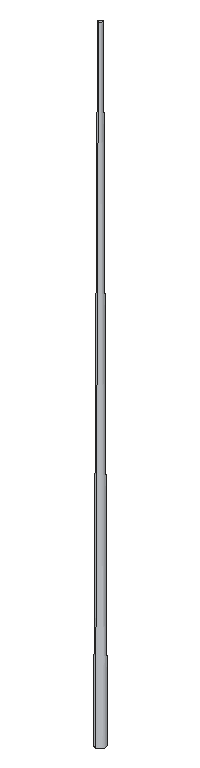
Revit family "Lighting-StreetLighting-GEWISS-STREET[O3]-POLES", category Apparecchi per illuminazione, host Superficie, Revit 2019
Family settings
  Host = Superficie
  Quota connettore circolare = Usa diametro
  Tipo di parte = Normale
  Numero OmniClass = 23.80.00.00
  Titolo OmniClass = Electric Power and Lighting
  Taglio con vuoti quando caricato = No
  Sorgente d'illuminazione = No
  Condiviso = No
  Punto di calcolo locali = No
Parameters (values of type "GW87593 - Galvanised steel - Grey - 9,8m")
  Weight (kg): = "107"
  Weight (kg) = "107"
  Version file RFA = "20.11"
  URL = "https://www.gewiss.com/ww/en"
  Type: = "Conical"
  Total length (m) = "9,8"
  Top diameter (mm) = "60"
  Technical sheet = "https://www.gewiss.com/ww/en/search?q=GW87593"
  SIMBOLO [instance] = yes
  SEO = "Pole"
  Realized by GEWISS S.p.A. = ""
  Default Elevation = 1219.2 mm
  Produttore = "GEWISS S.p.A."
  Planting (m) = "0,8"
  Palo = none
  Modello = "GW87593"
  Material = "Galvanised steel"
  Immagine tipo = GW84096.jpg
  IFC.TypeObject = ""
  IFC.ExportType = ""
  IFC.ExportAs = ""
  IDT = "d3b2aa7b-33ea-43be-8ddf-58a48c27c07e"
  IDF = "d4c518be-a0db-4a63-a47f-d3abfb27bd65"
  Finishing = "Painted"
  Electrocod = "240"
  EAN code = "8011564782594"
  Diametro inferiore = 158 mm
  Diametro = 60 mm
  Descrizione = "STREET CONICAL POLE 9,8m GRAPHITE GREY"
  Colour = "Graphite grey"
  Catalogue Range = "STREET [O3]"
  Catalogue = "LIGHTING"
  COBie.Tagnumber = ""
  COBie.CreatedOn = ""
  COBie.CreatebBy = ""
  COBie.ComponentRegisterItemID = ""
  COBie.Component.TagNumber = ""
  COBie.Component.Space = ""
  COBie.Component.SerialNumber = ""
  COBie.Component.InstallationDate = ""
  COBie.Component.Description = ""
  COBie.Component.BarCode = ""
  Base diameter (mm) = "158"
  BIDIMENSIONALE [instance] = not(SIMBOLO)  # no
  Altezza palo = 9800 mm
Types (5, lengths in mm): name | Weight (kg): | Weight (kg) | Total length (m) | Technical sheet | Planting (m) | Modello | IDT | EAN code | Diametro inferiore | Descrizione | Base diameter (mm) | Altezza palo
  GW84096 - Galvanised steel - Grey - 5,5m | "45" | "45" | "5,5" | "https://www.gewiss.com/ww/en/search?q=GW84096" | "0,5" | "GW84096" | "cab9dc3a-70cd-4fe3-be57-dd63a486f42e" | "8011564420205" | 115 | "STREET CONICAL POLE 5,5m GRAPHITE GREY" | "115" | 5500
  GW87591 - Galvanised steel - Grey - 6,8m | "48" | "48" | "6,8" | "https://www.gewiss.com/ww/en/search?q=GW87591" | "0,8" | "GW87591" | "b1c709b1-2363-4663-a2bd-6850ecaed8ba" | "8011564782570" | 138 | "STREET CONICAL POLE 6,8m GRAPHITE GREY" | "128" | 6800
  GW84097 - Galvanised steel - Grey - 7,8m | "54" | "54" | "7,8" | "https://www.gewiss.com/ww/en/search?q=GW84097" | "0,8" | "GW84097" | "8bb81f59-0f67-4d31-8b00-d30c28cf5b15" | "8011564420212" | 128 | "STREET CONICAL POLE 7,8m GRAPHITE GREY" | "138" | 7800
  GW87592 - Galvanised steel - Grey - 8,8m | "91" | "91" | "8,8" | "https://www.gewiss.com/ww/en/search?q=GW87592" | "0,8" | "GW87592" | "fb51b8d7-080d-47f3-85ad-856ae9a19558" | "8011564782587" | 148 | "STREET CONICAL POLE 8,8m GRAPHITE GREY" | "148" | 8800
  GW87593 - Galvanised steel - Grey - 9,8m | "107" | "107" | "9,8" | "https://www.gewiss.com/ww/en/search?q=GW87593" | "0,8" | "GW87593" | "d3b2aa7b-33ea-43be-8ddf-58a48c27c07e" | "8011564782594" | 158 | "STREET CONICAL POLE 9,8m GRAPHITE GREY" | "158" | 9800
Reference planes
  plane 1 "Centro (Fronte/Retro)": y = 0
  plane 2: z = 0
  plane 3 "Centro (Sinistra/Destra)": x = 0
  plane 4: z = 9800
Forms (mm)
  Blend 1, solid, material <- "Palo"
    base sketch origin (0, 0, 138.951) x (0, -1, 0) y (1, 0, 0)
      loop
        circle (0, 0) r 30
    top sketch origin (0, 0, 138.951) x (0, -1, 0) y (1, 0, 0)
      loop
        circle (0, 0) r 79
    from 9661.049 to -138.951
Lines and regions (mm)
  Masking region 1, visible <- "BIDIMENSIONALE"
    outline origin (0, 0, 138.951) x (0, -1, 0) y (1, 0, 0)
      loop
        circle (0, 0) r 79
  Masking region 2, visible <- "BIDIMENSIONALE"
    outline origin (0, 0, 138.951) x (0, -1, 0) y (1, 0, 0)
      loop
        circle (0, 0) r 30
Dimensions and locks
  "Altezza palo": plane 4 to level
  "Diametro": diameter of Blend 1 sketch curve
  "Diametro inferiore": diameter of Blend 1 sketch curve
  "Diametro inferiore": diameter of Masking region 1 sketch curve
  aligned and locked: plane 2 to host face
  aligned and locked: level to host face
  aligned and locked: plane 4 to Blend 1
  aligned and locked: Blend 1 to level
  aligned and locked: nested 1 to host face
  aligned and locked: nested 2 to level
  aligned and locked: plane 3 "Centro (Sinistra/Destra)" to nested 3
  aligned and locked: nested 3 to plane 1 "Centro (Fronte/Retro)"
Automatic sketch dimensions
  host sketch curve to host sketch curve = 2438.4 mm  (x2)
  plane 1 "Centro (Fronte/Retro)" to Masking region 2 sketch curve = 0 mm
  Masking region 2 sketch curve to plane 3 "Centro (Sinistra/Destra)" = 0 mm
  plane 1 "Centro (Fronte/Retro)" to Blend 1 sketch curve = 0 mm  (x2)
  Blend 1 sketch curve to plane 3 "Centro (Sinistra/Destra)" = 0 mm  (x2)
  plane 1 "Centro (Fronte/Retro)" to Masking region 1 sketch curve = 0 mm
  Masking region 1 sketch curve to plane 3 "Centro (Sinistra/Destra)" = 0 mm
  radius of Masking region 2 sketch curve = 30 mm
Nested families
  nested 1: "2D - PALI CONICI" at (0, 0, 0) x (1, 0, 0) z (0, -1, 0), B <- "Diametro inferiore", H <- "Altezza palo", type "BIDIMENSIONALE"
    with H 9800 mm, B 158 mm
  nested 2: "2D - PALI CONICI" at (0, 0, 0) x (0, 1, 0) z (1, 0, 0), B <- "Diametro inferiore", H <- "Altezza palo", type "BIDIMENSIONALE"
    with H 9800 mm, B 158 mm
  nested 3: "ACCPALO" at (0, 0, 138.951) x (1, 0, 0) z (0, 0, -1), visible <- "SIMBOLO", type "ACCPALO"
Definition of nested family "2D - PALI CONICI"
  Parameters (values of type "BIDIMENSIONALE")
    H [instance] = 860 mm
    B [instance] = 240 mm
  Reference planes
    plane 1 "Centro (Fronte/Retro)": y = 0
    plane 2: z = 0
    plane 3 "Centro (Sinistra/Destra)": x = 0
    plane 4: y = 860
    plane 5: x = -120
    plane 6: x = 120
  Lines and regions (mm)
    Masking region 1, in view "Livello rif."
      outline origin (0, 0, 0) x (1, 0, 0) y (0, 1, 0)
        loop
          line (-120, 0) -> (120, 0) -> (30, 860) -> (-30, 860) -> (-120, 0)
  Dimensions and locks
    "H": plane 4 to plane 1 "Centro (Fronte/Retro)"
    "B": plane 5 to plane 6
    equal spacing: plane 5, plane 3 "Centro (Sinistra/Destra)", plane 6
    Masking region 1 to plane 3 "Centro (Sinistra/Destra)" to Masking region 1 = 30 mm, 30 mm
    locked: Masking region 1 sketch curve to Masking region 1 sketch curve at 60
    equal spacing: Masking region 1 sketch curve, plane 3 "Centro (Sinistra/Destra)", Masking region 1 sketch curve
    aligned and locked: plane 4 to Masking region 1
    aligned and locked: plane 1 "Centro (Fronte/Retro)" to Masking region 1
    aligned and locked: plane 5 to Masking region 1
    aligned and locked: plane 6 to Masking region 1
    aligned and locked: plane 5 to Masking region 1 sketch curve
    aligned and locked: plane 6 to Masking region 1 sketch curve
  Automatic sketch dimensions
    Masking region 1 sketch curve to plane 4 = 0 mm
    plane 1 "Centro (Fronte/Retro)" to Masking region 1 sketch curve = 0 mm
Definition of nested family "ACCPALO"
  Reference planes
    plane 1 "Centro (Fronte/Retro)": y = 0
    plane 2: z = 0
    plane 3 "Centro (Sinistra/Destra)": x = 0
  Lines and regions (mm)
    detail lines, in view "Livello rif."
      curve 1: spline (-17.247, 26.335, 0) -> (-16.659, 25.345, 0) -> (-14.936, 24.424, 0) -> (-12.195, 23.632, 0) -> (-8.623, 23.025, 0) -> (-4.464, 22.643, 0) -> (0, 22.513, 0) -> (4.464, 22.643, 0) -> (8.623, 23.025, 0) -> (12.195, 23.632, 0) -> (14.936, 24.424, 0) -> (16.659, 25.345, 0) -> (17.247, 26.335, 0) -> (16.659, 27.324, 0) -> (14.936, 28.245, 0) -> (12.195, 29.037, 0) -> (8.623, 29.644, 0) -> (4.464, 30.026, 0) -> (0, 30.156, 0) -> (-4.464, 30.026, 0) -> (-8.623, 29.644, 0) -> (-12.195, 29.037, 0) -> (-14.936, 28.245, 0) -> (-16.659, 27.324, 0) -> (-17.247, 26.335, 0)
      curve 2: spline (-17.266, -26.469, 0) -> (-14.61, -27.838, 0) -> (-11.877, -28.965, 0) -> (-9.078, -29.846, 0) -> (-6.224, -30.478, 0) -> (-3.325, -30.859, 0) -> (-0.393, -30.986, 0) -> (2.562, -30.86, 0) -> (5.527, -30.481, 0) -> (8.491, -29.85, 0) -> (11.443, -28.969, 0) -> (14.372, -27.843, 0) -> (17.266, -26.475, 0)
      curve 3: line (-85.401, -52.093, 0) -> (85.401, -52.093, 0)
      curve 4: line (85.401, -52.093, 0) -> (85.401, 52.093, 0)
      curve 5: line (85.401, 52.093, 0) -> (-85.401, 52.093, 0)
      curve 6: line (-85.401, 52.093, 0) -> (-85.401, -52.093, 0)
      curve 7: line (-17.266, -26.469, 0) -> (-17.266, 26.335, 0)
      curve 8: line (17.266, -26.475, 0) -> (17.266, 26.335, 0)
